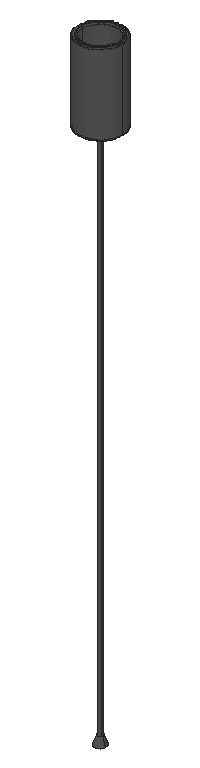
Revit family "CARLO CYLINDER LIGHT Pendant_ Surface", category Lighting Fixtures, host Face, Revit 2020 (continued)
Types (13): name | Wattage_Input | Wattage Comments | Wattage | built-in parameter 1150134 | Size 08 | Size 04 | Photometric Web File | built-in parameter 1150142 | Model | built-in parameter 1150105 | Lumens | built-in parameter 1150107 | built-in parameter 1150106 | Fixture Height | Fixture Diameter | BEAMING ANGLE | Apparent Load
  CCL4-12-20SPSW8-60-PSM-BK | 20 W | "12W/16W/20W" | 12.791 W | 2 | no | yes | "CCL4_20W_5000K_60__.IES" | "IESNA:LM-63-2002\r\n[TEST] 001\r\n[TESTLAB] \r\n[TESTDATE] 2024-03-14\r\n[ISSUEDATE] 2024-03-14 14:50:57\r\n[LAMPPOSITION] 0,0\r\n[OTHER] EVERFINE GO-2000B_V1 SYSTEM\r\n[MANUFAC] Aboveall lighting\r\n[LUMINAIRE] CCL4 20W 5000K 60¡ã \r\nTILT=NONE\r\n1 1973.7 1 181 17 1 2 -0.104 -0.104 0.000\r\n1.000 1 20.3207\r\n0.0    1.0    2.0    3.0    4.0    5.0    6.0    7.0    8.0    9.0    \r\n 10.0   11.0   12.0   13.0   14.0   15.0   16.0   17.0   18.0   19.0   \r\n 20.0   21.0   22.0   23.0   24.0   25.0   26.0   27.0   28.0   29.0   \r\n 30.0   31.0   32.0   33.0   34.0   35.0   36.0   37.0   38.0   39.0   \r\n 40.0   41.0   42.0   43.0   44.0   45.0   46.0   47.0   48.0   49.0   \r\n 50.0   51.0   52.0   53.0   54.0   55.0   56.0   57.0   58.0   59.0   \r\n 60.0   61.0   62.0   63.0   64.0   65.0   66.0   67.0   68.0   69.0   \r\n 70.0   71.0   72.0   73.0   74.0   75.0   76.0   77.0   78.0   79.0   \r\n 80.0   81.0   82.0   83.0   84.0   85.0   86.0   87.0   88.0   89.0   \r\n 90.0   91.0   92.0   93.0   94.0   95.0   96.0   97.0   98.0   99.0   \r\n 100.0  101.0  102.0  103.0  104.0  105.0  106.0  107.0  108.0  109.0  \r\n 110.0  111.0  112.0  113.0  114.0  115.0  116.0  117.0  118.0  119.0  \r\n 120.0  121.0  122.0  123.0  124.0  125.0  126.0  127.0  128.0  129.0  \r\n 130.0  131.0  132.0  133.0  134.0  135.0  136.0  137.0  138.0  139.0  \r\n 140.0  141.0  142.0  143.0  144.0  145.0  146.0  147.0  148.0  149.0  \r\n 150.0  151.0  152.0  153.0  154.0  155.0  156.0  157.0  158.0  159.0  \r\n 160.0  161.0  162.0  163.0  164.0  165.0  166.0  167.0  168.0  169.0  \r\n 170.0  171.0  172.0  173.0  174.0  175.0  176.0  177.0  178.0  179.0  \r\n 180.0  \r\n0.0    22.5   45.0   67.5   90.0   112.5  135.0  157.5  180.0  202.5  \r\n 225.0  247.5  270.0  292.5  315.0  337.5  360.0  \r\n2254.4 2247.8 2236.4 2222.1 2207 2191.8 2178 2161.2 2137.8 2112.3 \r\n 2080.1 2046.3 2007.2 1961.6 1912.9 1861.2 1809.7 1756.4 1698.8 1642.3 \r\n 1582.5 1521 1460.4 1396.4 1331.7 1264.2 1197.4 1138.2 1087.4 1037.6 \r\n 989.93 942.62 896.08 852.79 808.02 758.33 693.78 617.03 536.01 454.14 \r\n 369.58 290.45 215.32 147.21 102.95 58.967 45.145 36.938 30.367 26.155 \r\n 23.546 21.278 19.537 18.035 16.822 15.759 14.693 13.742 12.832 11.871 \r\n 11.052 10.213 9.4114 8.8989 8.299 7.8722 7.6019 7.2028 7.0557 6.7014 \r\n 6.3963 6.2227 5.6949 5.3915 4.9327 4.3571 4.1325 3.532 3.1646 2.7128 \r\n 2.2878 2.0454 1.4918 1.2963 0.8508 0.57615 0.4343 0.14363 0.045167 0.00049497 \r\n 0 0 0 0 0 0 0 0 0 0 \r\n 0 0 0.019812 0.035882 0.071731 0.10383 0.14766 0.19569 0.24773 0.30773 \r\n 0.36783 0.43981 0.5159 0.59995 0.68013 0.77612 0.87624 0.98405 1.1001 1.2242 \r\n 1.3366 1.4725 1.6127 1.7688 1.9211 2.0892 2.2654 2.4417 2.6294 2.8217 \r\n 3.0179 3.2143 3.4264 3.6388 3.863 4.0834 4.3117 4.5401 4.7764 5.0049 \r\n 5.2366 5.4611 5.6934 5.9297 6.1582 6.3787 6.599 6.8194 7.0279 7.2323 \r\n 7.4287 7.6205 7.797 7.9773 8.1417 8.2981 8.4623 8.6186 8.7709 8.943 \r\n 9.1074 9.2716 9.4355 9.5918 9.756 9.9124 10.069 10.225 10.373 10.521 \r\n 10.65 10.774 10.886 10.983 11.079 11.155 11.235 11.303 11.352 11.4 \r\n 11.414 \r\n2254.4 2246.9 2235.9 2220.8 2204.6 2190.7 2176.9 2158.2 2136.2 2108.6 \r\n 2077.5 2043.3 2001.3 1957.4 1907.1 1855.7 1804.8 1749.9 1693 1635.8 \r\n 1576 1514.6 1453.9 1390.6 1326.3 1260.3 1194 1137 1085.7 1039.2 \r\n 991.72 942.4 892.08 847.26 798.11 748.23 679.02 602.86 519.13 434.74 \r\n 354.22 279.88 205.6 140.43 88.472 59.077 46.424 37.114 30.741 26.287 \r\n 23.819 21.346 19.593 18.077 16.796 15.726 14.633 13.648 12.762 11.79 \r\n 10.996 10.156 9.4205 8.8831 8.2967 7.8415 7.5998 7.1929 6.9995 6.6872 \r\n 6.3956 6.2082 5.6852 5.3557 4.9299 4.3923 4.1013 3.4905 3.1569 2.7004 \r\n 2.2771 2.0217 1.4325 1.2541 0.85411 0.52783 0.43027 0.10734 0 0 \r\n 0 0 0 0 0 0 0 0.000080 0.0080713 0.016116 \r\n 0.028136 0.040222 0.06029 0.0844 0.11649 0.15259 0.19273 0.24085 0.29302 0.35298 \r\n 0.41715 0.48928 0.56143 0.63766 0.72591 0.82608 0.92629 1.0305 1.1428 1.263 \r\n 1.383 1.5153 1.6596 1.8079 1.9682 2.1325 2.3009 2.4773 2.6657 2.8619 \r\n 3.0505 3.2588 3.4626 3.679 3.8994 4.1237 4.3363 4.5766 4.7971 5.0334 \r\n 5.2657 5.4822 5.7146 5.9503 6.1787 6.4031 6.6274 6.8477 7.056 7.2643 \r\n 7.4646 7.6569 7.8451 8.0212 8.1851 8.3493 8.5096 8.6659 8.8301 8.9824 \r\n 9.1468 9.3229 9.4791 9.6275 9.7917 9.9435 10.096 10.256 10.4 10.54 \r\n 10.665 10.797 10.905 11.009 11.089 11.157 11.213 11.261 11.313 11.348 \r\n 11.414 \r\n2254.4 2245.8 2233.3 2219.1 2203 2188.6 2175.5 2155.8 2133.5 2106.3 \r\n 2073.8 2037.6 1996.2 1950.4 1901.7 1848.7 1796.9 1743.5 1686.2 1628.5 \r\n 1568.7 1505.7 1444.1 1379.6 1314.2 1248 1182.1 1126.4 1077.4 1030.5 \r\n 986.42 936.18 888.07 843.21 797.88 743.34 673.25 594.7 512.71 429.59 \r\n 345.29 267.8 195.17 130.23 79.823 55.117 43.65 35.341 28.965 25.391 \r\n 22.81 20.668 18.982 17.52 16.322 15.317 14.263 13.347 12.409 11.515 \r\n 10.716 9.8803 9.1808 8.6534 8.0925 7.7451 7.3883 7.0592 6.9524 6.5468 \r\n 6.3242 6.06 5.5665 5.3187 4.7296 4.3184 3.9846 3.3784 3.1019 2.5358 \r\n 2.1845 1.8674 1.3919 1.2208 0.74362 0.53171 0.35885 0.11511 0.036954 0.00040529 \r\n 0 0 0 0 0 0 0 0 0 0 \r\n 0 0 0.015862 0.047767 0.071911 0.11184 0.15579 0.1999 0.25589 0.31995 \r\n 0.38014 0.45218 0.53228 0.60851 0.70057 0.79279 0.89692 1.0009 1.117 1.2412 \r\n 1.3655 1.4978 1.638 1.7902 1.9545 2.1149 2.2872 2.4676 2.6555 2.8439 \r\n 3.0522 3.2528 3.4572 3.6697 3.8941 4.1186 4.3392 4.5637 4.7922 5.0208 \r\n 5.2408 5.4613 5.6977 5.9224 6.1549 6.3795 6.6041 6.8247 7.0373 7.2339 \r\n 7.4264 7.6144 7.7989 7.9715 8.132 8.2924 8.4528 8.6053 8.7656 8.9299 \r\n 9.0904 9.2547 9.4108 9.5632 9.7195 9.8719 10.028 10.173 10.317 10.461 \r\n 10.594 10.722 10.843 10.943 11.015 11.076 11.14 11.184 11.236 11.292 \r\n 11.414 \r\n2254.4 2247.9 2236.5 2221.1 2204.4 2191.7 2176.8 2158.1 2136.5 2110 \r\n 2079.1 2045.2 2004.4 1960.6 1911.3 1859.5 1808 1753.9 1697.4 1639.1 \r\n 1578 1516.4 1454.4 1389.6 1325.4 1257.6 1193.6 1135.8 1084.7 1038.4 \r\n 993.49 946.3 896.65 849.29 805.12 754.71 683.39 605.24 522.53 438.1 \r\n 355.32 276.9 198.57 133.2 83.348 56.998 44.992 36.61 29.46 25.75 \r\n 22.851 20.784 19.003 17.526 16.316 15.313 14.248 13.314 12.395 11.486 \r\n 10.688 9.8547 9.1151 8.5969 7.9906 7.5944 7.297 6.91 6.7561 6.428 \r\n 6.1839 5.985 5.5295 5.2386 4.726 4.2828 3.9282 3.3373 3.0745 2.5463 \r\n 2.1506 1.8952 1.3378 1.2066 0.76691 0.47619 0.3867 0.09151 0 0 \r\n 0 0 0 0 0 0 0.000039 0.0040486 0.0080773 0.016097 \r\n 0.02418 0.040252 0.060301 0.08042 0.10852 0.14068 0.18085 0.22904 0.28518 0.34122 \r\n 0.40538 0.4696 0.54187 0.62608 0.71039 0.80662 0.90293 1.0073 1.1196 1.2399 \r\n 1.3559 1.4884 1.6327 1.7811 1.9336 2.098 2.2665 2.4431 2.6315 2.82 \r\n 3.0126 3.2171 3.4211 3.6337 3.8503 4.0788 4.2954 4.5279 4.7565 4.9811 \r\n 5.2096 5.4342 5.6707 5.8946 6.1192 6.3438 6.5763 6.7967 7.0052 7.2096 \r\n 7.41 7.5985 7.7908 7.9592 8.1271 8.2874 8.4438 8.6002 8.7606 8.925 \r\n 9.0815 9.2498 9.4101 9.5626 9.723 9.8828 10.031 10.196 10.344 10.484 \r\n 10.612 10.732 10.833 10.921 11.001 11.073 11.145 11.225 11.281 11.341 \r\n 11.414 \r\n2254.4 2251 2243.4 2230.7 2215.2 2199.1 2183.7 2169.9 2150.9 2127.4 \r\n 2099.8 2067.2 2026.6 1982.4 1935.4 1885.2 1832.6 1777.4 1722.1 1664.8 \r\n 1604.9 1543.9 1481.9 1418.7 1355.3 1291.1 1224.6 1166.2 1115.5 1068 \r\n 1022.2 975.91 927.18 882.46 838.41 791.82 730.73 651.62 567.03 481.76 \r\n 392.77 309.17 234.51 160.02 101.45 67.311 51.639 41.853 33.658 27.906 \r\n 24.679 21.918 19.794 18.122 16.779 15.588 14.56 13.568 12.664 11.749 \r\n 10.92 10.12 9.3455 8.6859 8.0801 7.5452 7.1408 6.7225 6.4672 6.2892 \r\n 5.9385 5.7177 5.433 5.1052 4.7988 4.3167 3.9129 3.5395 3.0527 2.6909 \r\n 2.1889 1.8769 1.5792 1.1497 0.93536 0.5457 0.35466 0.21407 0.023752 0 \r\n 0 0 0 0 0 0.000049 0.0040506 0.0081028 0.016044 0.020045 \r\n 0.024133 0.036094 0.044142 0.056284 0.080341 0.1084 0.14046 0.17663 0.2246 0.26862 \r\n 0.32464 0.38083 0.45278 0.51698 0.59706 0.6811 0.76523 0.85751 0.96946 1.0737 \r\n 1.1893 1.3016 1.4337 1.5738 1.718 1.8741 2.0303 2.1984 2.3706 2.5508 \r\n 2.743 2.9385 3.1308 3.3468 3.555 3.7711 3.9912 4.2153 4.4396 4.6755 \r\n 4.8998 5.1358 5.3638 5.5833 5.8074 6.0355 6.2556 6.4756 6.6876 6.8996 \r\n 7.1036 7.2997 7.4916 7.6677 7.8471 8.0152 8.1833 8.3513 8.5154 8.6835 \r\n 8.8557 9.0316 9.1999 9.3797 9.5399 9.7075 9.8795 10.04 10.204 10.368 \r\n 10.528 10.668 10.807 10.931 11.051 11.147 11.239 11.327 11.407 11.474 \r\n 11.414 \r\n2254.4 2251.5 2244.2 2233.3 2217.2 2202.2 2186.6 2173.1 2155.3 2133.9 \r\n 2106.8 2074.8 2038.1 1994.9 1948.2 1898.5 1846.6 1790.8 1736.5 1678 \r\n 1618.6 1557.9 1496.6 1434.7 1371.8 1306.5 1241.6 1179.5 1126.4 1077.4 \r\n 1029.8 983.37 936.5 893.04 851.03 805.11 751.72 676.18 591.4 502.83 \r\n 414.27 332.14 247.91 173.07 122.82 72.789 54.557 44.283 35.244 29.205 \r\n 25.099 22.57 20.128 18.368 16.916 15.737 14.719 13.702 12.837 11.901 \r\n 11.035 10.24 9.4241 8.7186 8.1489 7.5646 7.1508 6.7544 6.4494 6.2484 \r\n 5.9411 5.7004 5.449 5.1136 4.7773 4.2904 3.9052 3.5368 3.0376 2.696 \r\n 2.193 1.8753 1.6028 1.1649 0.92275 0.57952 0.39388 0.25337 0.081539 0.012583 \r\n 0.000099 0 0 0 0 0 0 0 0 0 \r\n 0 0 0.0039696 0.015914 0.031893 0.059822 0.079841 0.1276 0.16374 0.20769 \r\n 0.26759 0.32367 0.38764 0.45566 0.53562 0.6117 0.69967 0.79146 0.89144 1.0034 \r\n 1.1155 1.2355 1.3595 1.4955 1.6396 1.7876 1.9516 2.1078 2.2833 2.4634 \r\n 2.6514 2.8396 3.0436 3.2477 3.4558 3.6679 3.8841 4.1081 4.3323 4.5604 \r\n 4.784 5.0082 5.2363 5.4605 5.6767 5.8968 6.1209 6.3372 6.5454 6.7495 \r\n 6.9497 7.1454 7.3256 7.5097 7.682 7.8541 8.0183 8.1824 8.3465 8.5225 \r\n 8.6907 8.8707 9.0464 9.2186 9.3947 9.5509 9.7269 9.8871 10.059 10.223 \r\n 10.387 10.548 10.684 10.82 10.948 11.052 11.16 11.256 11.333 11.413 \r\n 11.414 \r\n2254.4 2254.5 2250.1 2239.4 2226.6 2211.6 2195.5 2181.3 2166 2147.1 \r\n 2121.8 2091.6 2058 2019.2 1975 1925.1 1874.7 1821.8 1768.2 1711.8 \r\n 1652.5 1591 1528.9 1466.5 1403 1339.7 1272.5 1207.8 1147.2 1093.9 \r\n 1045.1 999.76 954.13 910.25 867.35 823.94 777.09 713.03 630.15 545.57 \r\n 456.41 369.74 288.92 208.22 138.93 87.897 61.158 48.683 39.197 31.826 \r\n 26.971 23.833 21.135 19.113 17.588 16.247 15.193 14.148 13.191 12.343 \r\n 11.399 10.6 9.7518 9.0195 8.4034 7.7594 7.2596 6.8861 6.4631 6.2143 \r\n 5.9496 5.6772 5.4315 5.0912 4.794 4.4568 3.9924 3.5948 3.1306 2.7497 \r\n 2.3682 1.9404 1.6149 1.2275 0.96658 0.68181 0.3916 0.26656 0.071396 0 \r\n 0 0 0 0 0.000048 0.0040575 0.008067 0.012026 0.012026 0.012151 \r\n 0.024094 0.028191 0.04022 0.052203 0.060456 0.088475 0.11268 0.14876 0.185 0.23302 \r\n 0.28515 0.33736 0.39754 0.46179 0.53396 0.60636 0.69849 0.78283 0.87921 0.98741 \r\n 1.0915 1.2117 1.3203 1.4566 1.597 1.7415 1.8979 2.0544 2.2229 2.3993 \r\n 2.5799 2.7679 2.9644 3.1649 3.3734 3.582 3.7986 4.023 4.2357 4.4642 \r\n 4.6847 4.9093 5.1338 5.3576 5.5702 5.7947 6.0112 6.2317 6.4442 6.6565 \r\n 6.849 7.0454 7.2416 7.4101 7.59 7.7663 7.9267 8.095 8.2556 8.432 \r\n 8.6045 8.7848 8.9574 9.1417 9.3222 9.5018 9.6544 9.8308 10.003 10.176 \r\n 10.344 10.504 10.665 10.813 10.949 11.073 11.169 11.269 11.345 11.429 \r\n 11.414 \r\n2254.4 2254.8 2250.1 2239.8 2227.4 2213.1 2197.2 2182.5 2167.4 2148.1 \r\n 2124.7 2096.2 2064 2028.1 1986.3 1941.3 1891 1840.1 1786.5 1731.6 \r\n 1673.7 1612.5 1550 1487.1 1422.8 1356 1288.6 1223.4 1155.6 1098.7 \r\n 1049.4 1003.1 959.38 913.82 872.45 828.09 785.64 725.98 654.16 569.69 \r\n 478.57 394.18 310.11 232.23 161.36 113.2 65.231 49.545 40.363 32.823 \r\n 27.193 23.985 21.377 19.278 17.705 16.383 15.306 14.275 13.328 12.485 \r\n 11.575 10.735 9.9201 9.1139 8.4944 7.837 7.3343 6.9642 6.5315 6.2694 \r\n 5.9649 5.6999 5.4915 5.14 4.8546 4.4705 4.0457 3.6643 3.1481 2.8136 \r\n 2.3852 1.976 1.7102 1.2437 1.0048 0.7284 0.44371 0.29802 0.10991 0.032725 \r\n 0.00026439 0 0 0 0 0 0 0 0 0 \r\n 0 0 0 0 0.019897 0.039951 0.067892 0.095967 0.13596 0.17607 \r\n 0.22412 0.28021 0.33636 0.40046 0.47657 0.55278 0.63694 0.72491 0.81712 0.92128 \r\n 1.0295 1.1458 1.2581 1.3863 1.5266 1.6749 1.8273 1.9877 2.1556 2.3241 \r\n 2.5044 2.6968 2.8894 3.0859 3.3023 3.5029 3.7194 3.9439 4.1646 4.3931 \r\n 4.6132 4.8377 5.0663 5.287 5.5036 5.7281 5.9527 6.1694 6.382 6.5946 \r\n 6.7992 6.9913 7.1957 7.3764 7.5489 7.7174 7.8938 8.0425 8.2187 8.3793 \r\n 8.5517 8.7281 8.9001 9.0766 9.257 9.4375 9.5981 9.7744 9.943 10.119 \r\n 10.292 10.452 10.613 10.757 10.897 11.022 11.138 11.239 11.335 11.415 \r\n 11.414 \r\n2254.4 2255.8 2252.3 2242.5 2229.6 2215.1 2198.9 2185.8 2170.6 2151.6 \r\n 2127.1 2099.9 2066.7 2031.1 1990.8 1945.5 1899.2 1849.4 1800.6 1749 \r\n 1693.7 1637.1 1578.2 1516.7 1454.9 1387.8 1319.4 1250.6 1182.9 1117.8 \r\n 1061.2 1011.6 964.56 918.96 874.45 830.86 788.41 739.93 674.24 595.73 \r\n 511.95 430.39 346.31 269.31 192.45 127.75 77.473 52.478 41.923 34.288 \r\n 27.848 24.612 21.787 19.875 18.179 16.76 15.628 14.645 13.606 12.739 \r\n 11.8 11.018 10.221 9.4373 8.7828 8.2098 7.631 7.2539 6.8386 6.5474 \r\n 6.3724 5.962 5.748 5.3954 5.0472 4.7217 4.222 3.8289 3.3922 2.9643 \r\n 2.6018 2.0801 1.8255 1.3901 1.0671 0.8643 0.47115 0.31845 0.12287 0 \r\n 0 0 0 0.000047 0.0039578 0.000049 0.0040057 0.0040565 0.0080523 0.012143 \r\n 0.023992 0.020204 0.036141 0.0442 0.056361 0.080306 0.096527 0.12868 0.16865 0.20077 \r\n 0.2489 0.30103 0.35721 0.42132 0.48565 0.5697 0.64597 0.73417 0.82632 0.91872 \r\n 1.0306 1.1468 1.2631 1.3834 1.5158 1.6601 1.8083 1.9607 2.1251 2.2975 \r\n 2.4778 2.6578 2.8541 3.0546 3.2628 3.4593 3.6718 3.9001 4.1205 4.3449 \r\n 4.5655 4.8057 5.0301 5.2537 5.4701 5.6906 5.9149 6.1352 6.3515 6.5637 \r\n 6.7641 6.9684 7.1685 7.3449 7.5285 7.6929 7.873 8.0332 8.1856 8.3539 \r\n 8.5222 8.6945 8.8669 9.0471 9.2193 9.3872 9.5555 9.7277 9.8961 10.068 \r\n 10.244 10.401 10.557 10.701 10.837 10.965 11.077 11.181 11.281 11.369 \r\n 11.414 \r\n2254.4 2255.5 2251.7 2242.1 2229.3 2214.4 2199.3 2185.7 2169.4 2152.3 \r\n 2127.2 2099.1 2067.8 2031 1991.7 1947.4 1900.7 1852.1 1802.9 1752.2 \r\n 1698.9 1642.1 1584.8 1525.2 1462.6 1397.2 1327.4 1259.9 1192.4 1123.9 \r\n 1067.7 1015.6 969.12 923.93 878.8 835.36 791.8 743.65 680.7 605.78 \r\n 521.19 440.53 357.22 277.65 200.8 136.07 95.554 55.24 43.243 34.982 \r\n 28.385 24.972 22.126 20.139 18.426 16.957 15.796 14.77 13.752 12.853 \r\n 11.916 11.068 10.267 9.4334 8.7707 8.2009 7.624 7.2854 6.8654 6.5758 \r\n 6.4026 6.0076 5.7905 5.4234 5.0984 4.8334 4.2553 3.8809 3.4407 2.9999 \r\n 2.6784 2.1273 1.8805 1.4385 1.1167 0.94299 0.50876 0.35388 0.16191 0.037106 \r\n 0.0082427 0.000064 0 0 0 0 0 0 0 0 \r\n 0 0 0 0.0039745 0.0079813 0.027894 0.059773 0.083892 0.11587 0.15189 \r\n 0.19986 0.25986 0.31996 0.37609 0.44411 0.52017 0.60426 0.68817 0.78024 0.88034 \r\n 0.98844 1.1006 1.2247 1.341 1.4731 1.6212 1.7615 1.9256 2.0894 2.2576 \r\n 2.4339 2.6221 2.8104 3.0146 3.2229 3.4233 3.6395 3.8519 4.0762 4.3006 \r\n 4.5283 4.7448 4.9731 5.1975 5.41 5.6343 5.8586 6.0711 6.2874 6.4958 \r\n 6.7042 6.904 7.0964 7.2808 7.4532 7.6255 7.7939 7.9502 8.1105 8.2747 \r\n 8.4469 8.6152 8.7831 8.9593 9.1356 9.3119 9.4683 9.6445 9.8208 9.9931 \r\n 10.157 10.318 10.478 10.626 10.758 10.887 10.999 11.115 11.207 11.292 \r\n 11.414 \r\n2254.4 2256.6 2254 2245.1 2231.8 2217.9 2201.2 2187.8 2173.1 2154.8 \r\n 2132.2 2104.2 2072.1 2037.6 1999.1 1954.6 1908.9 1860.8 1811.8 1761.8 \r\n 1708.5 1653.6 1595.8 1536.9 1475 1408.2 1340.6 1272.9 1203 1133.2 \r\n 1075.6 1024.9 978.01 933.65 887.13 844.53 800.85 753.84 694.31 619.87 \r\n 538.52 456.64 372.79 291.07 219.2 147.5 90.538 57.429 44.118 35.619 \r\n 28.992 25.07 22.423 20.363 18.645 17.145 15.928 14.941 13.881 12.998 \r\n 12.112 11.195 10.393 9.5681 8.8579 8.3001 7.7003 7.2643 6.9233 6.568 \r\n 6.346 6.0025 5.7742 5.559 5.1357 4.8457 4.3536 3.9649 3.5981 3.0589 \r\n 2.7127 2.249 1.9085 1.5941 1.1478 0.9255 0.56336 0.37502 0.19842 0.0079315 \r\n 0 0 0 0 0 0 0.000050 0.0040596 0.0080177 0.0081014 \r\n 0.016078 0.020176 0.03216 0.040271 0.056217 0.064475 0.092544 0.12071 0.15675 0.18886 \r\n 0.23305 0.28522 0.34145 0.40565 0.47391 0.55009 0.62642 0.71469 0.80696 0.90334 \r\n 1.0113 1.1197 1.236 1.3565 1.4928 1.6332 1.7777 1.9341 2.0946 2.2632 \r\n 2.4476 2.6277 2.8162 3.0127 3.2133 3.4218 3.6305 3.8509 4.0636 4.292 \r\n 4.5047 4.7292 4.9496 5.1656 5.3861 5.6027 5.8273 6.0517 6.2643 6.4807 \r\n 6.6851 6.
